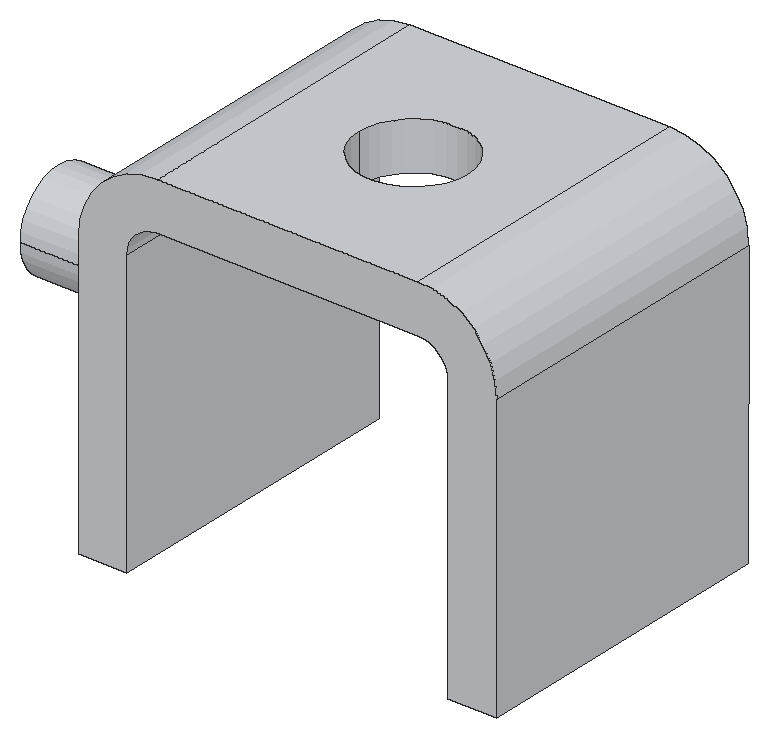
Revit family "Fitting-U_Shape-Unistrut-P1320", category Specialty Equipment, Revit 2012
Parameters (values of type "P1320")
  ecoScorecard_data = "http://products.ecoscorecard.com/atkore/P1320"
  ecoScorecard Product Page = "http://products.ecoscorecard.com/atkore/P1320?action=html"
  Weight Per Piece = 0.63 lbf
  Unit = none
  Unistrut Part Number = "P1320"  # constant formula
  URL = "http://unistrut.us/index.php"
  Thread Size = "13"
  Thickness = 0.25003"
  Subcategory = "U Shape Fittings"
  Product Page URL = "http://unistrut.us/index.php?WP=cat_detail&S=S05&P=P1320"
  Part Type = "Fitting"  # constant formula
  Overall Width = 2 5/32"
  Overall Length = 1 5/8"
  Overall Height = 1 7/8"
  Model = "P1320"
  Material = ""
  Manufacturer Phone - Toll Free = "800-882-5543"  # constant formula
  Manufacturer Phone = "708-339-1610"  # constant formula
  Manufacturer Fax = "708-339-7814"  # constant formula
  Manufacturer Email = "mailto:jshaw@atkore.com"
  Manufacturer Address = "16100 South Lathrop Avenue, Harvey, IL 60426"  # constant formula
  Manufacturer = "Unistrut by Atkore International"  # constant formula
  Load Capacity Note = "Visit the product page for load application and capacity."  # constant formula
  Literature URL = "http://unistrut.us/index.php?WP=LItLibrary"
  Hole Diameter = 9/16"  # constant formula
  Diameter = 1 5/8"
  Default Elevation = 48"
  Cost Info = "mailto:jshaw@atkore.com"
  Construction Note = ""
  Category = "Specialty Equipment"  # constant formula
  CAD URL = "http://unistrut.us/index.php?WP=CAD3d"
  Bolt Size = 1/2"
  Assembly Code = "D5020100"
  Allowable Moment = 0 N·m
  95 CSI = "16070"  # constant formula
  04 CSI = "26 05 48"  # constant formula
Reference planes (in)
  plane 1: z = 0
  plane 2 "Center (Left/Right)": x = 0
  plane 3: y = 1.625
  plane 4: y = 0.8125
  plane 5: y = 0
  plane 6: z = -1.62491
  plane 7: z = 0.25009
  plane 8: x = -1.07813
  plane 9: x = 1.07813
  plane 10: z = -0.69523
Dimensions and locks (in)
  equal spacing: plane 3, plane 4, plane 5
  "Overall Length": plane 3 to plane 5
  nested 1 to nested 1 = 1.65613"
  "Overall Height": plane 7 to plane 6
  "Overall Width": plane 9 to plane 8
  aligned and locked: level to plane 1
  aligned and locked: plane 4 to nested 1
  aligned and locked: plane 2 "Center (Left/Right)" to nested 1
Nested families (in)
  nested 1: "1320" at (0, 0, 0.00005), type "1320"
Definition of nested family "1320"
  Parameters (values of type "1320")
    Unit = none
    URL = ""
    Thread Size = "13"
    Thickness = 0.25003"
    Overall Width = 2 5/32"
    Overall Length = 1 5/8"
    Overall Height = 1 7/8"
    Model = "P1320"
    Manufacturer = ""
    Hole Diameter = 9/16"  # constant formula
    Diameter = 1 5/8"
    Construction Note = ""
    Bolt Size = 1/2"
    Assembly Code = ""
  Reference planes (in)
    plane 1: z = 0
    plane 2 "Center (Left/Right)": x = 0
    plane 3: y = 1.625
    plane 4: y = 0.8125
    plane 5: y = 0
  Forms (in)
    Extrusion 1, void
      sketch origin (0, 0, -1.50786) x (-1, 0, 0) y (0, -1, 0)
        loop
          circle (0, -0.8125) r 0.28125
      from 1.50786 to 1.7579
    Extrusion 2, void
      sketch origin (0, 0, -1.50786) x (0, 1, 0) y (0, 0, -1)
        loop
          circle (0.8125, -0.81259) r 0.28125
      from -1.07812 to -0.82804
    Sweep 3, solid, material <- "Unit"
      path origin (0, 0, -1.50786) x (-1, 0, 0) y (0, -1, 0)
        loop
          line (1.07812, -0.8125) -> (1.82813, -0.8125)
      profile origin (-1.45313, 0.8125, -1.50786) x (0, -1, 0) y (0, 0, 1)
        loop
          circle (0, 0.81259) r 0.25
    Extrusion 4, solid, material <- "Unit"
      sketch origin (0.82804, 0, -0.68747) x (0, 0, 1) y (-1, 0, 0)
        loop
          line (-0.9375, -0.25009) -> (0.53296, -0.25009)
          arc (0.53296, -0.25009) -> (0.81901, -0.1316) -> (0.9375, 0.15446) r 0.40454
          line (0.9375, 0.15446) -> (0.9375, 1.4981)
          arc (0.9375, 1.4981) -> (0.81798, 1.78665) -> (0.52944, 1.90616) r 0.40806
          line (0.52944, 1.90616) -> (-0.9375, 1.90616) -> (-0.9375, 1.65613) -> (0.53199, 1.65613)
          arc (0.53199, 1.65613) -> (0.64193, 1.61059) -> (0.68747, 1.50065) r 0.15548
          line (0.68747, 1.50065) -> (0.68747, 0.15306)
          arc (0.68747, 0.15306) -> (0.64264, 0.04483) -> (0.5344, 0) r 0.15306
          line (0.5344, 0) -> (-0.9375, 0) -> (-0.9375, -0.25009)
      from -1.625 to 0
  Cuts and joins
    Extrusion 1 cuts Extrusion 4
  Dimensions and locks (in)
    equal spacing: plane 3, plane 4, plane 5
    "Overall Length": plane 3 to plane 5
    radius of Extrusion 1 sketch curve = 9/32"
    aligned and locked: level to plane 1
  Automatic sketch dimensions
    Sweep 3 sketch curve to Sweep 3 sketch curve = 3/4"
    Sweep 3 sketch curve to profile plane = 0"
    profile plane to Sweep 3 sketch curve = 0.81259"
    Extrusion 4 sketch curve to Extrusion 4 sketch curve = 0.00255"  (x2)
    Extrusion 4 sketch curve to Extrusion 4 sketch curve = 0.00145"
    Extrusion 4 sketch curve to Extrusion 4 sketch curve = 0.15446"
    Extrusion 4 sketch curve to Extrusion 4 sketch curve = 1.34365"
    Extrusion 4 sketch curve to Extrusion 4 sketch curve = 0.15548"
    Extrusion 4 sketch curve to Extrusion 4 sketch curve = 0.25003"
    Extrusion 4 sketch curve to Extrusion 4 sketch curve = 0"
    Extrusion 4 sketch curve to Extrusion 4 sketch curve = 1.46694"
    Extrusion 4 sketch curve to Extrusion 4 sketch curve = 0.15451"
    Extrusion 1 sketch curve to plane 2 "Center (Left/Right)" = 0"
    Extrusion 1 sketch curve to plane 4 = 0"
    Extrusion 2 sketch curve to plane 4 = 0"
    Extrusion 2 sketch curve to level = 0.69528"
    Sweep 3 sketch curve to plane 4 = 0"
    Sweep 3 sketch curve to plane 2 "Center (Left/Right)" = 1 5/64"
    Extrusion 4 sketch curve to level = 0"
    plane 2 "Center (Left/Right)" to Extrusion 4 sketch curve = 1 5/64"
    radius of Extrusion 2 sketch curve = 9/32"
    radius of Sweep 3 sketch curve = 1/4"
